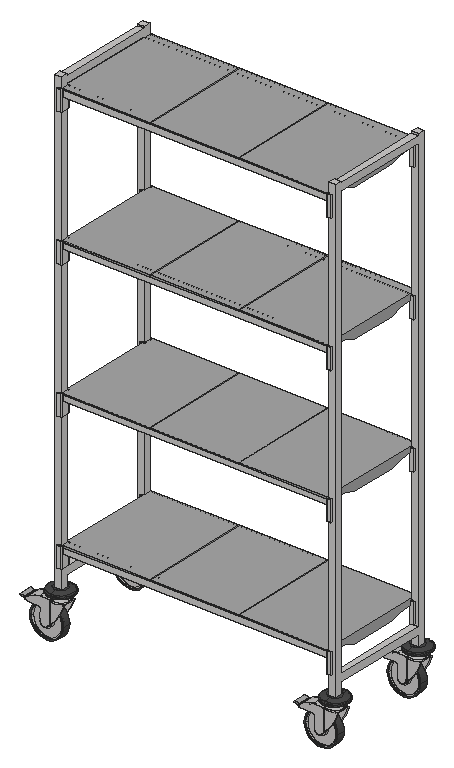
Revit family "QF_BOURGEAT_Etagères_Mobiles", category Equipement spécialisé, Revit 2015
Parameters (values of type "Etagère mobile 1100x435mm")
  URL catalogue = "http://www.bourgeat.fr"
  URL = ""
  Type article = ""
  Type A = yes
  Spécification du Fabricant = "Etagère mobile"
  Profondeur hors tout = 435 mm
  Modèle = "819603"
  Longueur hors tout = if(Type A, 1100 mm, 1425 mm)  # 1100 mm
  Longueur Longeron = Longueur hors tout - 120 mm  # 980 mm
  Longueur Clayette = if(Type A, 325 mm, 433 mm)  # 325 mm
  Hauteur hors tout = 1865 mm  # constant formula
  Fabricant = "BOURGEAT"
  Description = ""
  Contact SAV = "0033(4).76.32.14.44"
  Type Comments = ""
  Charge max = 300.00 kg
Types (5, lengths in mm): name | Type A | Profondeur hors tout | Modèle | Longueur hors tout | Longueur Longeron | Longueur Clayette
  (no name) | yes | 435 | "819603" | 1100 | 980 | 325
  Etagère mobile 1100x435mm | yes | 435 | "819603" | 1100 | 980 | 325
  Etagère mobile 1100x610mm | yes | 610 | "819601" | 1100 | 980 | 325
  Etagère mobile 1425x610mm | no | 610 | "819801" | 1425 | 1305 | 433
  Etagère mobile 1425x435mm | no | 435 | "819803" | 1425 | 1305 | 433
Reference planes
  plane 1 "Centre (avant/arrière)": y = 0
  plane 2: z = 0
  plane 3 "Centre (gauche/droite)": x = 0
  plane 4: x = -550
  plane 5: x = 550
  plane 6: y = 217.5
  plane 7: y = -217.5
  plane 8: z = 1865
  plane 9: y = 202.5
  plane 10: y = -202.5
  plane 11 "Axe roues arrière": y = 190
  plane 12 "Axe roues avant": y = -190
  plane 13: y = 177.5
  plane 14: y = -177.5
  plane 15: x = -502.5
  plane 16: x = -490
  plane 17: x = 502.369
  plane 18: x = 489.869
  plane 19: x = -515
  plane 20: x = 514.869
  plane 21 "Plateau 1": z = 330
  plane 22: z = 830
  plane 23: z = 1330
  plane 24: z = 1830
  plane 25: x = -165
  plane 26: x = 160
Forms (mm)
  Extrusion 1, solid, material "Inox"
    sketch origin (0, 0, 0) x (0, 1, 0) y (0, 0, 1)
      loop
        line (202.5, 1865) -> (177.5, 1865) -> (177.5, 1859.555) -> (-177.5, 1859.555) -> (-177.5, 1865) -> (-202.5, 1865) -> (-202.5, 182) -> (-177.5, 182) -> (-177.5, 222) -> (177.5, 222) -> (177.5, 182) -> (202.5, 182) -> (202.5, 1865)
      loop
        line (-177.5, 1834.555) -> (-177.5, 247) -> (177.5, 247) -> (177.5, 1834.555) -> (-177.5, 1834.555)
    from -515 to -490
  Extrusion 2, solid, material "Inox"
    sketch origin (900, 0, 0) x (0, 1, 0) y (0, 0, 1)
      loop
        line (202.5, 1865) -> (177.5, 1865) -> (177.5, 1859.555) -> (-177.5, 1859.555) -> (-177.5, 1865) -> (-202.5, 1865) -> (-202.5, 182) -> (-177.5, 182) -> (-177.5, 222) -> (177.5, 222) -> (177.5, 182) -> (202.5, 182) -> (202.5, 1865)
      loop
        line (-177.5, 1834.555) -> (-177.5, 247) -> (177.5, 247) -> (177.5, 1834.555) -> (-177.5, 1834.555)
    from -410.131 to -385.131
Lines and regions (mm)
  symbolic lines
    curve 1: line (-545, 190, 0) -> (-545, 285, 0)
Dimensions and locks
  "Profondeur hors tout": plane 6 to plane 7
  equal spacing: plane 6, plane 1 "Centre (avant/arrière)", plane 7
  equal spacing: plane 4, plane 3 "Centre (gauche/droite)", plane 5
  "Longueur hors tout": plane 4 to plane 5
  "Hauteur hors tout": plane 8 to level
  locked: plane 6 to plane 9 at 15
  locked: plane 10 to plane 7 at 15
  plane 9 to plane 11 "Axe roues arrière" to plane 13 = 12.5 mm locked, 12.5 mm locked
  plane 14 to plane 12 "Axe roues avant" to plane 10 = 12.5 mm locked, 12.5 mm locked
  plane 4 to plane 19 to plane 15 to plane 16 = 35 mm locked, 12.5 mm locked, 12.5 mm locked
  plane 18 to plane 17 to plane 20 to plane 5 = 12.5 mm locked, 12.5 mm locked, 35.131 mm locked
  plane 24 to plane 23 to plane 22 to plane 21 "Plateau 1" to level = 500 mm locked, 500 mm locked, 500 mm locked, 330 mm locked
  "Longueur Clayette": plane 25 to plane 26
  "Longueur Clayette": plane 16 to plane 25
  aligned and locked: level to plane 2
  aligned and locked: plane 11 "Axe roues arrière" to nested 1
  aligned and locked: plane 12 "Axe roues avant" to nested 2
  aligned and locked: plane 11 "Axe roues arrière" to nested 3
  aligned and locked: plane 12 "Axe roues avant" to nested 4
  aligned and locked: plane 15 to nested 1
  aligned and locked: plane 17 to nested 3
  aligned and locked: Extrusion 1 sketch curve to plane 9
  aligned and locked: plane 13 to Extrusion 1 sketch curve  (x3)
  aligned and locked: Extrusion 1 sketch curve to nested 1
  aligned and locked: Extrusion 1 sketch curve to plane 8  (x2)
  aligned and locked: plane 10 to Extrusion 1 sketch curve
  aligned and locked: Extrusion 1 sketch curve to plane 14  (x3)
  aligned and locked: plane 16 to Extrusion 1
  aligned and locked: plane 3 "Centre (gauche/droite)" to nested 5
  aligned and locked: plane 10 to nested 5
  aligned and locked: plane 9 to nested 6
  aligned and locked: plane 3 "Centre (gauche/droite)" to nested 6
  aligned and locked: plane 3 "Centre (gauche/droite)" to nested 8
  aligned and locked: plane 3 "Centre (gauche/droite)" to nested 7
  aligned and locked: plane 9 to nested 8
  aligned and locked: plane 10 to nested 7
  aligned and locked: plane 3 "Centre (gauche/droite)" to nested 10
  aligned and locked: plane 3 "Centre (gauche/droite)" to nested 9
  aligned and locked: plane 9 to nested 10
  aligned and locked: plane 10 to nested 9
  aligned and locked: plane 3 "Centre (gauche/droite)" to nested 12
  aligned and locked: plane 3 "Centre (gauche/droite)" to nested 11
  aligned and locked: plane 9 to nested 12
  aligned and locked: plane 10 to nested 11
  aligned and locked: plane 1 "Centre (avant/arrière)" to nested 13
  aligned and locked: plane 21 "Plateau 1" to nested 13
  aligned and locked: plane 21 "Plateau 1" to nested 14
  aligned and locked: nested 14 to plane 25
  aligned and locked: plane 1 "Centre (avant/arrière)" to nested 14
  aligned and locked: nested 15 to plane 26
  aligned and locked: plane 1 "Centre (avant/arrière)" to nested 15
  aligned and locked: plane 21 "Plateau 1" to nested 15
  aligned and locked: plane 15 to nested 2
  aligned and locked: plane 17 to nested 4
  aligned and locked: nested 13 to plane 16
  aligned and locked: Extrusion 1 to plane 19
  aligned and locked: Extrusion 1 to nested 13
  aligned and locked: plane 20 to Extrusion 2
  aligned and locked: Extrusion 2 to plane 18
  aligned and locked: nested 5 to nested 13
  aligned and locked: nested 6 to nested 13
  aligned and locked: nested 7 to nested 16
  aligned and locked: nested 8 to nested 7
  aligned and locked: plane 22 to nested 16
  aligned and locked: plane 22 to nested 17
  aligned and locked: plane 22 to nested 18
  aligned and locked: plane 1 "Centre (avant/arrière)" to nested 16
  aligned and locked: plane 1 "Centre (avant/arrière)" to nested 17
  aligned and locked: plane 1 "Centre (avant/arrière)" to nested 18
  aligned and locked: nested 16 to plane 16
  aligned and locked: nested 17 to plane 25
  aligned and locked: nested 18 to plane 26
  aligned and locked: plane 23 to nested 19
  aligned and locked: plane 23 to nested 20
  aligned and locked: plane 23 to nested 21
  aligned and locked: nested 9 to nested 19
  aligned and locked: nested 10 to nested 9
  aligned and locked: plane 1 "Centre (avant/arrière)" to nested 19
  aligned and locked: plane 1 "Centre (avant/arrière)" to nested 20
  aligned and locked: plane 1 "Centre (avant/arrière)" to nested 21
  aligned and locked: nested 19 to plane 16
  aligned and locked: nested 20 to plane 25
  aligned and locked: nested 21 to plane 26
  aligned and locked: plane 24 to nested 22
  aligned and locked: plane 24 to nested 23
  aligned and locked: plane 24 to nested 24
  aligned and locked: nested 11 to nested 22
  aligned and locked: plane 1 "Centre (avant/arrière)" to nested 22
  aligned and locked: plane 1 "Centre (avant/arrière)" to nested 23
  aligned and locked: plane 1 "Centre (avant/arrière)" to nested 24
  aligned and locked: nested 22 to plane 16
  aligned and locked: nested 23 to plane 25
  aligned and locked: nested 24 to plane 26
Automatic sketch dimensions
  Extrusion 1 sketch curve to plane 21 "Plateau 1" = 148 mm
  Extrusion 1 sketch curve to Extrusion 1 sketch curve = 40 mm
  Extrusion 1 sketch curve to Extrusion 1 sketch curve = 25 mm
  plane 24 to Extrusion 1 sketch curve = 4.555 mm
  Extrusion 1 sketch curve to plane 8 = 5.445 mm
  Extrusion 2 sketch curve to plane 8 = 0 mm  (x2)
  Extrusion 2 sketch curve to plane 10 = 0 mm
  Extrusion 2 sketch curve to plane 14 = 0 mm  (x3)
  Extrusion 2 sketch curve to plane 13 = 0 mm  (x3)
  Extrusion 2 sketch curve to plane 9 = 0 mm
  Extrusion 2 sketch curve to plane 8 = 5.445 mm
  plane 24 to Extrusion 2 sketch curve = 4.555 mm
  Extrusion 2 sketch curve to plane 21 "Plateau 1" = 83 mm
  Extrusion 2 sketch curve to Extrusion 2 sketch curve = 25 mm
  Extrusion 2 sketch curve to Extrusion 2 sketch curve = 40 mm  (x2)
  curve 1 to plane 11 "Axe roues arrière" = 0 mm
  plane 6 to curve 1 = 67.5 mm
  plane 4 to curve 1 = 5 mm
Nested families
  nested 1: "Roulette" at (-502.5, 190, 0) x (0, 1, 0) z (0, 0, 1), type "Roulette"
    with Sans frein no, Avec frein yes
  nested 2: "Roulette" at (-502.5, -190, 0) x (0, 1, 0) z (0, 0, 1), type "Roulette"
    with Sans frein no, Avec frein yes
  nested 3: "Roulette" at (502.369, 190, 0) x (0, 1, 0) z (0, 0, 1), type "Roulette"
    with Sans frein no, Avec frein yes
  nested 4: "Roulette" at (502.369, -190, 0) x (0, 1, 0) z (0, 0, 1), type "Roulette"
    with Sans frein no, Avec frein yes
  nested 5: "Longeron" at (0, -190, 328), type "Longeron"
    with Longueur 980 mm
  nested 6: "Longeron" at (0, 190, 326), type "Longeron"
    with Longueur 980 mm
  nested 7: "Longeron" at (0, -190, 828), type "Longeron"
    with Longueur 980 mm
  nested 8: "Longeron" at (0, 190, 828), type "Longeron"
    with Longueur 980 mm
  nested 9: "Longeron" at (0, -190, 1328), type "Longeron"
    with Longueur 980 mm
  nested 10: "Longeron" at (0, 190, 1328), type "Longeron"
    with Longueur 980 mm
  nested 11: "Longeron" at (0, -190, 1828), type "Longeron"
    with Longueur 980 mm
  nested 12: "Longeron" at (0, 190, 1828), type "Longeron"
    with Longueur 980 mm
  nested 13: "Clayette" at (-327.5, 0, 294), type "Clayette polypropylène"
    with Largeur clayette 355 mm, Largeur 435 mm
  nested 14: "Clayette" at (-2.5, 0, 294), type "Clayette polypropylène"
    with Largeur clayette 355 mm, Largeur 435 mm
  nested 15: "Clayette" at (322.5, 0, 294), type "Clayette polypropylène"
    with Largeur clayette 355 mm, Largeur 435 mm
  nested 16: "Clayette" at (-327.5, 0, 794), type "Clayette polypropylène"
    with Largeur clayette 355 mm, Largeur 435 mm
  nested 17: "Clayette" at (-2.5, 0, 794), type "Clayette polypropylène"
    with Largeur clayette 355 mm, Largeur 435 mm
  nested 18: "Clayette" at (322.5, 0, 794), type "Clayette polypropylène"
    with Largeur clayette 355 mm, Largeur 435 mm
  nested 19: "Clayette" at (-327.5, 0, 1294), type "Clayette polypropylène"
    with Largeur clayette 355 mm, Largeur 435 mm
  nested 20: "Clayette" at (-2.5, 0, 1294), type "Clayette polypropylène"
    with Largeur clayette 355 mm, Largeur 435 mm
  nested 21: "Clayette" at (322.5, 0, 1294), type "Clayette polypropylène"
    with Largeur clayette 355 mm, Largeur 435 mm
  nested 22: "Clayette" at (-327.5, 0, 1794), type "Clayette polypropylène"
    with Largeur clayette 355 mm, Largeur 435 mm
  nested 23: "Clayette" at (-2.5, 0, 1794), type "Clayette polypropylène"
    with Largeur clayette 355 mm, Largeur 435 mm
  nested 24: "Clayette" at (322.5, 0, 1794), type "Clayette polypropylène"
    with Largeur clayette 355 mm, Largeur 435 mm
Definition of nested family "Roulette"
  Parameters (values of type "Roulette")
    Sans frein [instance] = not(Avec frein)  # no
    Avec frein [instance] = yes
  Reference planes
    plane 1 "Centre (avant/arrière)": y = 0
    plane 2: z = 0
    plane 3 "Centre (gauche/droite)": x = 0
    plane 4: y = 40.851
    plane 5: z = 62.5
  Forms (mm)
    Extrusion 1, solid
      sketch origin (0, 0, 0) x (0, 1, 0) y (0, 0, 1)
        loop
          circle (40.851, 62.5) r 62.5
        loop
          circle (40.851, 62.5) r 57.5
      from -12.5 to 12.5
    Revolve 2, solid
      sketch origin (0, 0, 30.333) x (1, 0, 0) y (0, 0, 1)
        loop
          line (0, 151.667) -> (-25, 151.667) -> (-45.338, 146.217)
          arc (-45.338, 146.217) -> (-46.897, 145.175) -> (-47.5, 143.4) r 2.917
          line (-47.5, 143.4) -> (-47.5, 138.833)
          arc (-47.5, 138.833) -> (-47.012, 137.655) -> (-45.833, 137.167) r 1.667
          line (-45.833, 137.167) -> (-24.607, 137.167) -> (-24, 132.667) -> (0, 132.667) -> (0, 151.667)
        axis (0, 151.667) -> (0, 132.667)
      angle from 0 to 360
    Revolve 3, solid
      sketch origin (0, 0, 0) x (0, 1, 0) y (0, 0, 1)
        loop
          line (0, 163) -> (-20.149, 163) -> (-20.149, 159.41) -> (-21.6, 159.41)
          arc (-21.6, 159.41) -> (-24.448, 158.65) -> (-26.537, 156.572) r 5.712
          line (-26.537, 156.572) -> (-30.146, 147.743) -> (-26.999, 147.062) -> (-26.999, 146.112)
          arc (-26.999, 146.112) -> (-27.23, 145.314) -> (-27.849, 144.761) r 1.5
          arc (-27.849, 144.761) -> (-29.223, 143.633) -> (-29.923, 142) r 3.75
          line (-29.923, 142) -> (0, 142) -> (0, 163)
        axis (0, 163) -> (0, 142)
      angle from 0 to 360
    Extrusion 4, solid
      sketch origin (0, 0, 0) x (0, 1, 0) y (0, 0, -1)
        loop
          line (-29.974, -138.241) -> (-29.974, -142) -> (21.747, -142) -> (21.747, -60.336)
          arc (21.747, -60.336) -> (10.272, -70.702) -> (-0.149, -82.127) r 160.057
          arc (-0.149, -82.127) -> (-17.883, -108.684) -> (-29.974, -138.241) r 159.585
      from -24.913 to -23.038
    Extrusion 5, solid
      sketch origin (0, 0, 0) x (0, 1, 0) y (0, 0, 1)
        loop
          line (-29.974, 142) -> (-29.974, 140.869) -> (21.747, 140.869) -> (21.747, 142) -> (-29.974, 142)
      from -23.038 to 23.038
    Extrusion 6, solid
      sketch origin (0, 0, 0) x (0, 1, 0) y (0, 0, 1)
        loop
          circle (40.851, 62.5) r 57.5
        loop
          circle (40.851, 62.5) r 55
      from -12.5 to 12.5
    Extrusion 7, solid
      sketch origin (0, 0, 0) x (0, 1, 0) y (0, 0, 1)
        loop
          circle (40.851, 62.5) r 55
      from -7 to 7
    Extrusion 8, solid
      sketch origin (0, 0, 0) x (0, 1, 0) y (0, 0, 1)
        loop
          circle (40.851, 62.5) r 21
      from 7 to 15
    Extrusion 9, solid
      sketch origin (0, 0, 0) x (0, 1, 0) y (0, 0, -1)
        loop
          circle (40.851, -62.5) r 16
      from -23.038 to -15
    Extrusion 10, solid, visible <- "Sans frein"
      sketch origin (0, 0, 0) x (0, 1, 0) y (0, 0, 1)
        loop
          arc (21.747, 60.336) -> (23.188, 59.17) -> (24.642, 58.02) r 161.23
          arc (24.642, 58.02) -> (29.34, 54.513) -> (34.187, 51.216) r 133.333
          arc (34.187, 51.216) -> (46.517, 50.3) -> (53.927, 60.198) r 12.867
          arc (53.927, 60.198) -> (54.714, 99.183) -> (46.119, 137.216) r 161.222
          arc (46.119, 137.216) -> (45.679, 138.887) -> (45.531, 140.609) r 10.076
          line (45.531, 140.609) -> (45.531, 142) -> (21.747, 142) -> (21.747, 60.336)
      from 23.038 to 24.913
    Extrusion 11, solid, visible <- "Sans frein"
      sketch origin (0, 0, 0) x (0, 1, 0) y (0, 0, 1)
        loop
          line (21.747, 142) -> (21.747, 140.701) -> (48.851, 140.701) -> (48.851, 142) -> (21.747, 142)
      from -23.038 to 23.038
    Extrusion 12, solid, visible <- "Avec frein"
      sketch origin (0, 0, 0) x (0, 1, 0) y (0, 0, 1)
        loop
          line (21.747, 142) -> (21.747, 60.336)
          arc (21.747, 60.336) -> (23.177, 59.179) -> (24.62, 58.038) r 160.008
          arc (24.62, 58.038) -> (29.041, 54.705) -> (33.574, 51.527) r 160
          arc (33.574, 51.527) -> (46.135, 50.422) -> (53.724, 60.491) r 13
          arc (53.724, 60.491) -> (55.279, 82.092) -> (53.902, 103.704) r 160
          arc (53.902, 103.704) -> (55.53, 108.653) -> (60.415, 110.463) r 6
          arc (60.415, 110.463) -> (80.625, 109.924) -> (100.725, 112.107) r 150
          arc (100.725, 112.107) -> (104.408, 113.406) -> (107.479, 115.819) r 12
          line (107.479, 115.819) -> (110.851, 121.523)
          arc (110.851, 121.523) -> (85.913, 134.651) -> (58.706, 142) r 127.902
          line (58.706, 142) -> (21.747, 142)
      from 23.038 to 24.913
    Extrusion 13, solid, visible <- "Avec frein"
      sketch origin (0, 0, 0) x (0, 1, 0) y (0, 0, 1)
        loop
          line (58.706, 142) -> (21.747, 142) -> (21.747, 140) -> (58.552, 140)
          arc (58.552, 140) -> (85.253, 132.762) -> (109.73, 119.866) r 125.902
          line (109.73, 119.866) -> (110.851, 121.523)
          arc (110.851, 121.523) -> (85.913, 134.651) -> (58.706, 142) r 127.902
      from -23.038 to 23.038
    Extrusion 14, solid, visible <- "Avec frein"
      sketch origin (0, 19.896, 18.175) x (0, 1, 0) y (0, 0, 1)
        loop
          line (87.583, 97.644) -> (91.829, 95.227)
          arc (91.829, 95.227) -> (93.8, 95.006) -> (95.312, 96.29) r 2.5
          arc (95.312, 96.29) -> (103.495, 100.002) -> (111.176, 104.666) r 74.999
          line (111.176, 104.666) -> (110.852, 105.929)
          arc (110.852, 105.929) -> (110.04, 107.086) -> (108.666, 107.417) r 2
          arc (108.666, 107.417) -> (101.396, 105.849) -> (94.512, 103.034) r 42.354
          line (94.512, 103.034) -> (93.479, 101.228) -> (93.285, 100.414) -> (91.69, 101.675) -> (90.401, 102.412) -> (87.583, 97.644)
      from -23.038 to 23.038
    Extrusion 15, solid
      sketch origin (0, 0, 0) x (0, -1, 0) y (0, 0, -1)
        loop
          arc (29.974, -138.241) -> (17.883, -108.684) -> (0.149, -82.127) r 159.585
          arc (0.149, -82.127) -> (-10.272, -70.702) -> (-21.747, -60.336) r 160.057
          line (-21.747, -60.336) -> (-21.747, -142) -> (29.974, -142) -> (29.974, -138.241)
      from -24.913 to -23.038
    Extrusion 16, solid
      sketch origin (0, 0, 0) x (0, -1, 0) y (0, 0, 1)
        loop
          circle (-40.851, 62.5) r 21
      from 7 to 15
    Extrusion 17, solid
      sketch origin (0, 0, 0) x (0, -1, 0) y (0, 0, -1)
        loop
          circle (-40.851, -62.5) r 16
      from -23.038 to -15
    Extrusion 18, solid, visible <- "Sans frein"
      sketch origin (0, 0, 0) x (0, -1, 0) y (0, 0, 1)
        loop
          line (-21.747, 60.336) -> (-21.747, 142) -> (-45.531, 142) -> (-45.531, 140.609)
          arc (-45.531, 140.609) -> (-45.679, 138.887) -> (-46.119, 137.216) r 10.076
          arc (-46.119, 137.216) -> (-54.714, 99.183) -> (-53.927, 60.198) r 161.222
          arc (-53.927, 60.198) -> (-46.517, 50.3) -> (-34.187, 51.216) r 12.867
          arc (-34.187, 51.216) -> (-29.34, 54.513) -> (-24.642, 58.02) r 133.333
          arc (-24.642, 58.02) -> (-23.188, 59.17) -> (-21.747, 60.336) r 161.23
      from 23.038 to 24.913
    Extrusion 19, solid, visible <- "Avec frein"
      sketch origin (0, 0, 0) x (0, -1, 0) y (0, 0, 1)
        loop
          line (-21.747, 142) -> (-58.706, 142)
          arc (-58.706, 142) -> (-85.913, 134.651) -> (-110.851, 121.523) r 127.902
          line (-110.851, 121.523) -> (-107.479, 115.819)
          arc (-107.479, 115.819) -> (-104.408, 113.406) -> (-100.725, 112.107) r 12
          arc (-100.725, 112.107) -> (-80.625, 109.924) -> (-60.415, 110.463) r 150
          arc (-60.415, 110.463) -> (-55.53, 108.653) -> (-53.902, 103.704) r 6
          arc (-53.902, 103.704) -> (-55.279, 82.092) -> (-53.724, 60.491) r 160
          arc (-53.724, 60.491) -> (-46.135, 50.422) -> (-33.574, 51.527) r 13
          arc (-33.574, 51.527) -> (-29.041, 54.705) -> (-24.62, 58.038) r 160
          arc (-24.62, 58.038) -> (-23.177, 59.179) -> (-21.747, 60.336) r 160.008
          line (-21.747, 60.336) -> (-21.747, 142)
      from 23.038 to 24.913
  Dimensions and locks
    aligned and locked: level to plane 2
Definition of nested family "Longeron"
  Parameters (values of type "Longeron")
    Matériaux Longeron = none
    Longueur = 2600 mm
    Largeur = 400 mm
  Reference planes
    plane 1 "Centre (avant/arrière)": y = 0
    plane 2: z = 0
    plane 3 "Centre (gauche/droite)": x = 0
    plane 4: x = -1300
    plane 5: x = 1300
    plane 6: y = 12.5
    plane 7: y = -12.5
    plane 8: x = -1295
    plane 9: x = 1295
    plane 10: z = -25
    plane 11: x = -1312
    plane 12: x = 1312
    plane 13: z = -75
  Forms (mm)
    Extrusion 1, solid, material <- "Matériaux Longeron"
      sketch origin (0, 0, 0) x (1, 0, 0) y (0, 1, 0)
        loop
          line (-1295, 12.5) -> (-1295, -12.5) -> (1295, -12.5) -> (1295, 12.5) -> (-1295, 12.5)
      from 0 to -25
    Extrusion 2, solid, material <- "Matériaux Longeron"
      sketch origin (0, 0, 0) x (1, 0, 0) y (0, 1, 0)
        loop
          line (-1312, 12.5) -> (-1300, 12.5) -> (-1300, -12.5) -> (-1312, -12.5) -> (-1312, -17.5) -> (-1298, -17.5)
          arc (-1298, -17.5) -> (-1295.879, -16.621) -> (-1295, -14.5) r 3
          line (-1295, -14.5) -> (-1295, 14.5)
          arc (-1295, 14.5) -> (-1295.879, 16.621) -> (-1298, 17.5) r 3
          line (-1298, 17.5) -> (-1312, 17.5) -> (-1312, 12.5)
        loop
          line (1312, 12.5) -> (1312, 17.5) -> (1298, 17.5)
          arc (1298, 17.5) -> (1295.879, 16.621) -> (1295, 14.5) r 3
          line (1295, 14.5) -> (1295, -14.5)
          arc (1295, -14.5) -> (1295.879, -16.621) -> (1298, -17.5) r 3
          line (1298, -17.5) -> (1312, -17.5) -> (1312, -12.5) -> (1300, -12.5) -> (1300, 12.5) -> (1312, 12.5)
      from -75 to 0
  Cuts and joins
    joined: Extrusion 1, Extrusion 2
  Dimensions and locks
    equal spacing: plane 4, plane 3 "Centre (gauche/droite)", plane 5
    "Longueur": plane 4 to plane 5
    plane 6 to plane 1 "Centre (avant/arrière)" to plane 7 = 12.5 mm locked, 12.5 mm locked
    locked: plane 4 to plane 8 at 5
    locked: plane 9 to plane 5 at 5
    locked: plane 2 to plane 10 at 25
    locked: plane 5 to plane 12 at 12
    locked: plane 11 to plane 4 at 12
    locked: plane 10 to plane 13 at 50
    aligned and locked: level to plane 2
    aligned and locked: Extrusion 1 sketch curve to plane 6
    aligned and locked: plane 8 to Extrusion 1 sketch curve
    aligned and locked: Extrusion 1 sketch curve to plane 9
    aligned and locked: plane 7 to Extrusion 1 sketch curve
    aligned and locked: Extrusion 1 to plane 10
    aligned and locked: level to Extrusion 1
    aligned and locked: Extrusion 2 sketch curve to plane 6
    aligned and locked: plane 7 to Extrusion 2 sketch curve
    aligned and locked: Extrusion 2 sketch curve to plane 4
    aligned and locked: Extrusion 2 sketch curve to plane 8
    aligned and locked: Extrusion 2 sketch curve to plane 11
    aligned and locked: plane 11 to Extrusion 2 sketch curve
    aligned and locked: Extrusion 2 to plane 13
    aligned and locked: level to Extrusion 2
  Automatic sketch dimensions
    Extrusion 2 sketch curve to plane 9 = 0 mm
    Extrusion 2 sketch curve to plane 5 = 0 mm
    Extrusion 2 sketch curve to plane 6 = 0 mm
    Extrusion 2 sketch curve to plane 12 = 0 mm  (x2)
    Extrusion 2 sketch curve to plane 7 = 0 mm
    plane 4 to Extrusion 2 sketch curve = 2 mm  (x2)
    Extrusion 2 sketch curve to plane 5 = 2 mm  (x2)
    Extrusion 2 sketch curve to plane 7 = 2 mm  (x2)
    plane 6 to Extrusion 2 sketch curve = 2 mm  (x2)
Definition of nested family "Clayette"
  Parameters (values of type "Clayette polypropylène")
    URL = "http://www.matferbourgeat.com"
    Model = ""
    Matériau Clayette = none
    Longueur = 325 mm
    Largeur clayette = Largeur - 80 mm  # 530 mm
    Largeur = 610 mm
    Manufacturer = "BOURGEAT"
    Description = "Clayette polypropylène"
    Type Comments = "Clayette pour étagères"
  Reference planes
    plane 1 "Centre (avant/arrière)": y = 0
    plane 2: z = 0
    plane 3 "Centre (gauche/droite)": x = 0
    plane 4: x = -162.5
    plane 5: x = 162.5
    plane 6: y = 265
    plane 7: y = -265
    plane 8: z = 36
    plane 9: y = -290
    plane 10: y = 290
    plane 11: y = -165
    plane 12: y = 165
    plane 13: x = -155
    plane 14: x = 130
  Forms (mm)
    Extrusion 1, solid, material <- "Matériau Clayette"
      sketch origin (0, 0, 0) x (0, 1, 0) y (0, 0, 1)
        loop
          line (-292, 36) -> (-292, 32) -> (-290, 32) -> (-290, 34) -> (-265, 34) -> (-265, 19) -> (-263, 19) -> (-255, 19)
          arc (-255, 19) -> (-209.008, 14.198) -> (-165, 0) r 222.658
          line (-165, 0) -> (177.487, 0)
          arc (177.487, 0) -> (215.259, 10.207) -> (254.235, 13.645) r 222.658
          line (254.235, 13.645) -> (263, 13.645) -> (265, 13.645) -> (265, 34) -> (290, 34) -> (290, 32) -> (292, 32) -> (292, 36) -> (-292, 36)
      from -162.5 to 162.5
  Dimensions and locks
    equal spacing: plane 6, plane 1 "Centre (avant/arrière)", plane 7
    "Largeur clayette": plane 6 to plane 7
    equal spacing: plane 4, plane 3 "Centre (gauche/droite)", plane 5
    "Longueur": plane 4 to plane 5
    plane 8 to level = 36 mm
    locked: plane 9 to plane 7 at 25
    locked: plane 6 to plane 10 at 25
    locked: plane 7 to plane 11 at 100
    locked: plane 12 to plane 6 at 100
    aligned and locked: level to plane 2
    aligned and locked: plane 5 to Extrusion 1
    aligned and locked: Extrusion 1 to plane 4
  Automatic sketch dimensions
    Extrusion 1 sketch curve to plane 9 = 0 mm
    Extrusion 1 sketch curve to plane 7 = 0 mm
    Extrusion 1 sketch curve to level = 0 mm
    Extrusion 1 sketch curve to plane 6 = 0 mm
    Extrusion 1 sketch curve to plane 10 = 0 mm
    Extrusion 1 sketch curve to plane 9 = 2 mm
    plane 10 to Extrusion 1 sketch curve = 2 mm
    Extrusion 1 sketch curve to Extrusion 1 sketch curve = 76.748 mm
    Extrusion 1 sketch curve to level = 203.658 mm
    Extrusion 1 sketch curve to plane 8 = 22.355 mm
    Extrusion 1 sketch curve to plane 8 = 4 mm  (x2)
    Extrusion 1 sketch curve to Extrusion 1 sketch curve = 2 mm  (x2)
    Extrusion 1 sketch curve to plane 11 = 0 mm
    plane 7 to Extrusion 1 sketch curve = 2 mm
    Extrusion 1 sketch curve to Extrusion 1 sketch curve = 8 mm
    plane 12 to Extrusion 1 sketch curve = 12.487 mm
    Extrusion 1 sketch curve to plane 6 = 2 mm
    Extrusion 1 sketch curve to plane 8 = 0 mm
